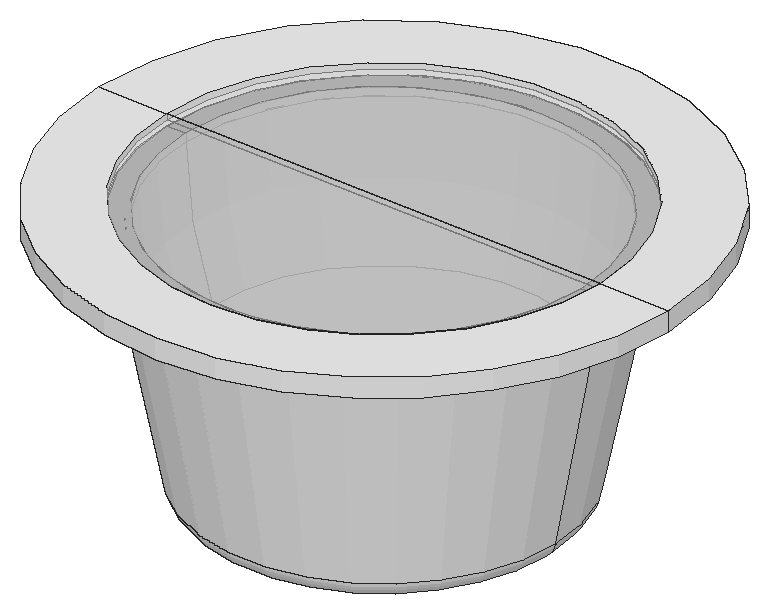
Revit family "2060551+2039013 Sylvania Lighting Fixture ASCENT 100 II ARCH 1900 3K STD EMG 160 with IP54 PC Cover", category Lighting Fixtures, host Face, Revit 2016
Family settings
  Host = Face
  Part Type = Normal
  Round Connector Dimension = Use Diameter
  OmniClass Number = 23.80.70.11.17
  OmniClass Title = Specialized Lighting by Location or Use
  Cut with Voids When Loaded = No
  Light Source = Yes
  Shared = No
  Room Calculation Point = No
Parameters (values of type "2060551+2039013 ASCT100 II ARCH 1900 3K STD EMG 160 with IP54 PC Cover")
  WidthBezelAcc_SYL = 25.0 mm
  Weight = "1.92 kg"
  Wattage = 19 W
  WarrantyStartDate [instance] = "n/a"
  WarrantyGuarantorParts = "n/a"
  WarrantyDurationUnit = "n/a"
  WarrantyDurationParts = "n/a"
  WarrantyDescription = "n/a"
  built-in parameter 1150110 = 1 (stored number, unit not read)
  Voltage = 0 V
  VisibilityAccessory_SYL = yes
  TypeName = "ASCENT 100 II ARCH 1900 3K STD EMG 160 with IP54 PC Cover"
  built-in parameter 1114217 = 1 (stored number, unit not read)
  Tilt Angle = -90°
  built-in parameter 1150109 = 1 (stored number, unit not read)
  built-in parameter 1150134 = (empty or 0)
  built-in parameter 1150113 = 1 (stored number, unit not read)
  SerialNumber [instance] = "n/a"
  ReflectorRadius_SYL = Radius_SYL - 14.5 mm  # 80.0 mm
  RadiusAcc_SYL = 105.0 mm
  Radius_SYL = 94.5 mm
  URL = "http://www.sylvania-lighting.com"
  PowerFactor = 0
  PowerConsumption = "19 W"
  Photometric Web File = "2060551.ies"
  NominalWidth = 0.0 mm
  NominalLength = 0.0 mm
  NominalHeight = 94.0 mm
  Name = "ASCENT 100 II ARCH 1900 3K STD EMG 160 with IP54 PC Cover"
  ModelReference = "ASCENT 100 II ARCH 1900 3K STD EMG 160 with IP54 PC Cover"
  ModelNumber = "2060551+2039013"
  Material_4_SYL = none
  Material_3_SYL = Polycarbonate_Sylvania_Ascent_Clear
  Material_2_SYL = Aluminium_Sylvania_Ascent_Silver
  Material_1_SYL = Aluminum_Sylvania_Ascent_White
  Material = "aluminium housing, arcylic diffuser"
  ManufacturerName = "Feilo Sylvania"
  LuminousEfficacy = "97 lm/W"
  built-in parameter 1150105 = 146.66 (stored number, unit not read)
  Lumens = 1843 lm
  LuminaireType = ""
  built-in parameter 1150115 = 1 (stored number, unit not read)
  LightOutputRatio = "100"
  built-in parameter 1150137 = (empty or 0)
  built-in parameter 1150139 = (empty or 0)
  LampsType = Lamp  # "LED"
  LampNominalLuminous = "1847 lm"
  LampMacAdamStep = "3"
  LampColourTemperature = "3000 K"
  LampColourRenderingIndex = "80"
  built-in parameter 1150112 = 1 (stored number, unit not read)
  built-in parameter 1150114 = 1 (stored number, unit not read)
  Keynote = "16500"
  InstallationDate [instance] = "n/a"
  InputVoltage = "n/a"
  InputNominalFrequency = "n/a"
  built-in parameter 1150132 = (empty or 0)
  built-in parameter 1150102 = (empty or 0)
  built-in parameter 1150107 = 3000 (stored number, unit not read)
  built-in parameter 1150138 = (empty or 0)
  IngressProtection = "IP54"
  ImpactProtectionIndex = "IK02"
  built-in parameter 1150106 = 1.4666 (stored number, unit not read)
  IfcExportType = "IfcLightFixtureType"
  IfcExportAs = "IfcLightFixtureType"
  Height_SYL = 94.0 mm
  HeightAcc_SYL = 7.0 mm
  ExpectedLife = 50000
  EmittionSurface_SYL = if(VisibilityAccessory_SYL, 7.0 mm, 3.0 mm)  # 7.0 mm
  Emit from Circle Diameter = DiffuserRadius_SYL * 2  # 146.0 mm
  Emit Shape Visible in Rendering = no
  ElectricShockClassification = "Class II"
  built-in parameter 1150104 = 9.0116 (stored number, unit not read)
  DurationUnit = "hours"
  DocumentationLiterature = "http://www.sylvania-lighting.com/product/en-int/products/2060551"
  DimmingControlOptions = "n/a"
  Dimming Lamp Color Temperature Shift = <None>
  DiffuserRadius_SYL = ReflectorRadius_SYL - 7.0 mm  # 73.0 mm
  Diameter_SYL = 2 * Radius_SYL  # 189.0 mm
  CutoutDiameter_SYL = Diameter_SYL - 13.0 mm  # 176.0 mm
  CreatedOn = "9/17/2018"
  CreatedBy = "@sylvania-lighting.com"
  Color Filter = 16777215
  built-in parameter 1114216 [instance] = 1 (stored number, unit not read)
  Model = "ASCENT 100 II ARCH 1900 3K STD EMG 160 with IP54 PC Cover"
  Manufacturer = "Feilo Sylvania"
  Lamp = "LED"
  Description = "Direct LED retro fit for original LED 100 Arch (160) single CFL lamp offering Matching lumen levels and improved light distribution of original LED 100 CFL lamp equivalents Typically half the power consumption compared to CFL Up to 112lm/W 160mm aperture Architectural reflector accepts range of glass accessories from existing LED 100 Arch 160 offering HE, HO and VHO versions equivalent of single 1 x 18W, 1 x 32W, 1 x 42W\r\n Additional VVHO versions which offer the performance circa 2 x 32W equivalent"  # constant formula
  Default Elevation = 0.0 mm
  built-in parameter 1140040 [instance] = 1
  BarCode [instance] = "n/a"
  built-in parameter 1114218 = 1 (stored number, unit not read)
  built-in parameter 1150133 = 10 (stored number, unit not read)
  AssetType = "Fixed"
  AssetIdentifier [instance] = "n/a"
  Assembly Code = "D5020200"
  Apparent Load = 19 VA
  Aperture_SYL = 2 * ReflectorRadius_SYL  # 160.0 mm
Types (2, lengths in mm): name | Wattage | TypeName | Photometric Web File | Name | ModelReference | built-in parameter 1150105 | Lumens | built-in parameter 1150106 | Model | Apparent Load
  2060551+2039013 ASCT100 II ARCH 1900 3K STD EMG 160 with IP54 PC Cover | 19 W | "ASCENT 100 II ARCH 1900 3K STD EMG 160 with IP54 PC Cover" | "2060551.ies" | "ASCENT 100 II ARCH 1900 3K STD EMG 160 with IP54 PC Cover" | "ASCENT 100 II ARCH 1900 3K STD EMG 160 with IP54 PC Cover" | 146.66 (stored number, unit not read) | 1843 lm | 1.4666 (stored number, unit not read) | "ASCENT 100 II ARCH 1900 3K STD EMG 160 with IP54 PC Cover" | 19 VA
  2060551+2039013 ASCT100 II ARCH 1900 3K STD EMG 160 with IP54 PC Cover Emergency mode | 1.84536 W | "ASCT100 II ARCH 1900 3K STD EMG 160 with IP54 PC Cover Emergency mode" | "2060551EM.ies" | "ASCT100 II ARCH 1900 3K STD EMG 160 with IP54 PC Cover Emergency mode" | "ASCT100 II ARCH 1900 3K STD EMG 160 with IP54 PC Cover Emergency mode" | 14.244 (stored number, unit not read) | 179 lm | 0.14244 (stored number, unit not read) | "ASCT100 II ARCH 1900 3K STD EMG 160 with IP54 PC Cover Emergency mode" | 1.84536 VA
Reference planes
  plane 1 "Center (Front/Back)": y = 0
  plane 2: z = 0
  plane 3 "Center (Left/Right)": x = 0
  plane 4 "Fixture Bottom": z = 3
  plane 5: z = -52.5
  plane 6 "Fixture Top": z = -91
  plane 7: x = -105
  plane 8: z = 7
  plane 9: x = -80
  plane 10: z = 5
  plane 11: x = -103
Forms (mm)
  Extrusion 1, solid, material "Aluminum_Sylvania_Ascent_White", detail levels fine
    sketch origin (0, 0, 0) x (1, 0, 0) y (0, 1, 0)
      loop
        circle (0, 0) r 94.5
      loop
        circle (0, 0) r 80
    from 0 to 3
  Extrusion 2, void
    sketch origin (0, 0, 0) x (1, 0, 0) y (0, 1, 0)
      loop
        circle (0, 0) r 88
    from -91 to 3
  Revolve 3, solid, material "Aluminum_Sylvania_Ascent_White" <- "Material_1_SYL", detail levels fine
    sketch origin (0, 0, 0) x (1, 0, 0) y (0, 0, 1)
      loop
        line (0, -91.073) -> (0, -89.023) -> (-55.468, -89.014)
        arc (-55.468, -89.014) -> (-59.352, -87.613) -> (-61.54, -84.139) r 6.307
        line (-61.54, -84.139) -> (-77.991, -2.844) -> (-77.991, 0) -> (-80, 0) -> (-80, -3) -> (-63.5, -84.536)
        arc (-63.5, -84.536) -> (-60.643, -89.203) -> (-55.5, -91.073) r 8.291
        line (-55.5, -91.073) -> (0, -91.073)
      axis (0, 0) -> (0, -91.073)
    angle from 0 to 360
  Revolve 4, solid, material "Aluminium_Sylvania_Ascent_Silver" <- "Material_2_SYL", detail levels fine
    sketch origin (0, 0, 0) x (1, 0, 0) y (0, 0, 1)
      loop
        line (-80, 3) -> (-80, 0) -> (-75, 0)
        arc (-75, 0) -> (-72.349, -26.77) -> (-64.5, -52.5) r 136.5
        line (-64.5, -52.5) -> (-58, -52.5)
        arc (-58, -52.5) -> (-56.857, -61.521) -> (-53.5, -69.971) r 36.166
        line (-53.5, -69.971) -> (0, -69.971) -> (0, -50.5) -> (-63.16, -50.5)
        arc (-63.16, -50.5) -> (-70.517, -25.725) -> (-73, 0) r 134.5
        line (-73, 0) -> (-73, 3) -> (-80, 3)
      axis (0, 3) -> (0, -69.971)
    angle from 0 to 360
  Extrusion 5, solid, material "Polycarbonate_Sylvania_Ascent_Clear" <- "Material_3_SYL", detail levels fine
    sketch origin (0, 0, 0) x (1, 0, 0) y (0, 1, 0)
      loop
        circle (0, 0) r 73
    from 0 to 3
  Revolve 6, solid, material "Aluminum_Sylvania_Ascent_White" <- "Material_1_SYL", detail levels coarse+medium
    sketch origin (0, 0, 0) x (1, 0, 0) y (0, 0, 1)
      loop
        line (0, -91.073) -> (0, 3) -> (-94.5, 3) -> (-94.5, 0) -> (-79.5, 0) -> (-79.5, -3) -> (-63, -84.536)
        arc (-63, -84.536) -> (-60.143, -89.203) -> (-55, -91.073) r 8.291
        line (-55, -91.073) -> (0, -91.073)
      axis (0, 3) -> (0, -91.073)
    angle from 0 to 360
  Revolve 7, solid, material "Aluminum_Sylvania_Ascent_White" <- "Material_1_SYL", visible <- "VisibilityAccessory_SYL"
    sketch origin (0, 0, 0) x (1, 0, 0) y (0, 0, 1)
      loop
        line (-105, 0) -> (-103, 0) -> (-103, 5) -> (-80, 5) -> (-80, 7) -> (-105, 7) -> (-105, 0)
      axis (0, 7) -> (0, 0)
    angle from 0 to 360
  Revolve 8, solid, material "Polycarbonate_Sylvania_Ascent_Clear" <- "Material_3_SYL", visible <- "VisibilityAccessory_SYL"
    sketch origin (0, 0, 0) x (1, 0, 0) y (0, 0, 1)
      loop
        line (-80, 7) -> (-80, 5) -> (0, 5) -> (0, 7) -> (-80, 7)
      axis (0, 7) -> (0, 5)
    angle from 0 to 360
Lines and regions (mm)
  reference lines
    curve 1: line (-150, 0, 7) -> (125, 0, 7)
Dimensions and locks
  locked: plane 4 "Fixture Bottom" to plane 2 at 3
  "Height_SYL": plane 4 "Fixture Bottom" to plane 6 "Fixture Top"
  "ReflectorRadius_SYL": plane 3 "Center (Left/Right)" to Revolve 4 sketch curve
  locked: Revolve 4 sketch curve to Revolve 4 sketch curve at 15.5
  locked: Revolve 4 sketch curve to Revolve 4 sketch curve at 5
  locked: Revolve 4 sketch curve to Revolve 4 sketch curve at 7
  locked: Revolve 4 sketch curve to Revolve 4 sketch curve at 22
  locked: Revolve 4 sketch curve to Revolve 4 sketch curve at 26.5
  locked: Revolve 3 sketch curve to Revolve 3 sketch curve at 16.5
  locked: Revolve 3 sketch curve to Revolve 3 sketch curve at 24.5
  "ReflectorRadius_SYL": Revolve 3 sketch curve to plane 3 "Center (Left/Right)"
  locked: Revolve 3 sketch curve to plane 6 "Fixture Top" at 6.464
  locked: plane 2 to Revolve 3 sketch curve at 3
  locked: Revolve 3 sketch curve to Revolve 3 sketch curve at 2
  locked: Revolve 3 sketch curve to Revolve 3 sketch curve at 2.009
  locked: plane 2 to plane 5 at 52.5
  locked: Revolve 6 sketch curve to Revolve 6 sketch curve at 31.5
  locked: Revolve 6 sketch curve to Revolve 6 sketch curve at 39.5
  locked: Revolve 6 sketch curve to Revolve 6 sketch curve at 15
  "Radius_SYL": plane 3 "Center (Left/Right)" to Revolve 6 sketch curve
  "RadiusAcc_SYL": plane 3 "Center (Left/Right)" to plane 7
  "HeightAcc_SYL": plane 8 to level
  "WidthBezelAcc_SYL": plane 7 to plane 9
  locked: plane 7 to plane 11 at 2
  locked: plane 8 to plane 10 at 2
  "EmittionSurface_SYL": curve 1 to level
  "CutoutDiameter_SYL": diameter of Extrusion 2 sketch curve
  "ReflectorRadius_SYL": radius of Extrusion 1 sketch curve
  "DiffuserRadius_SYL": radius of Extrusion 5 sketch curve
  "Radius_SYL": radius of Extrusion 1 sketch curve
  aligned and locked: host face to plane 2
  aligned and locked: host face to level
  aligned and locked: plane 4 "Fixture Bottom" to Extrusion 1
  aligned and locked: Extrusion 1 to plane 2
  aligned and locked: Revolve 3 sketch curve to plane 3 "Center (Left/Right)"
  aligned and locked: Revolve 4 sketch curve to plane 3 "Center (Left/Right)"  (x2)
  aligned and locked: plane 4 "Fixture Bottom" to Revolve 4 sketch curve
  aligned and locked: Extrusion 5 to plane 2
  aligned and locked: plane 2 to Revolve 3 sketch curve  (x2)
  aligned and locked: Revolve 6 sketch curve to plane 3 "Center (Left/Right)"
  aligned and locked: plane 6 "Fixture Top" to Extrusion 2
  aligned and locked: Revolve 7 sketch curve to plane 3 "Center (Left/Right)"
  aligned and locked: host face to Revolve 7 sketch curve  (x2)
  aligned and locked: Revolve 7 sketch curve to plane 7
  aligned and locked: plane 8 to Revolve 7 sketch curve
  aligned and locked: plane 9 to Revolve 7 sketch curve
  aligned and locked: Revolve 7 sketch curve to plane 10
  aligned and locked: plane 11 to Revolve 7 sketch curve
  aligned and locked: Revolve 7 to Revolve 8 sketch curve
  aligned and locked: Revolve 8 sketch curve to Revolve 7  (x2)
  aligned and locked: Revolve 8 sketch curve to plane 3 "Center (Left/Right)"  (x2)
  aligned and locked: plane 3 "Center (Left/Right)" to imposter light
  aligned and locked: imposter light to plane 1 "Center (Front/Back)"
  aligned and locked: imposter light to curve 1
Automatic sketch dimensions
  plane 1 "Center (Front/Back)" to Extrusion 2 sketch curve = 0.0 mm
  Extrusion 2 sketch curve to plane 3 "Center (Left/Right)" = 0.0 mm
  Extrusion 1 sketch curve to Extrusion 1 sketch curve = 0.0 mm  (x2)
  plane 1 "Center (Front/Back)" to Extrusion 1 sketch curve = 0.0 mm
  Extrusion 1 sketch curve to plane 3 "Center (Left/Right)" = 0.0 mm
  plane 6 "Fixture Top" to Revolve 3 sketch curve = 0.073 mm
  Revolve 3 sketch curve to plane 6 "Fixture Top" = 6.861 mm
  Revolve 3 sketch curve to Revolve 3 sketch curve = 0.003 mm
  Revolve 3 sketch curve to Revolve 3 sketch curve = 0.009 mm  (x2)
  Revolve 3 sketch curve to Revolve 3 sketch curve = 0.023 mm
  Revolve 3 sketch curve to Revolve 3 sketch curve = 0.072 mm
  Revolve 3 sketch curve to Revolve 3 sketch curve = 0.008 mm
  Revolve 3 sketch curve to plane 6 "Fixture Top" = 1.977 mm
  Revolve 3 sketch curve to Revolve 3 sketch curve = 33.496 mm
  Revolve 3 sketch curve to Revolve 3 sketch curve = 0.028 mm
  plane 4 "Fixture Bottom" to Revolve 3 sketch curve = 82.431 mm
  Revolve 4 sketch curve to Revolve 4 sketch curve = 0.0 mm  (x2)
  Revolve 4 sketch curve to plane 5 = 0.0 mm
  Revolve 4 sketch curve to level = 0.0 mm
  plane 5 to Revolve 4 sketch curve = 2.0 mm
  plane 4 "Fixture Bottom" to Revolve 4 sketch curve = 9.642 mm
  plane 1 "Center (Front/Back)" to Extrusion 5 sketch curve = 0.0 mm
  Extrusion 5 sketch curve to plane 3 "Center (Left/Right)" = 0.0 mm
  Revolve 4 sketch curve to level = 69.971 mm
  Revolve 4 sketch curve to Revolve 4 sketch curve = 2.387 mm
  Revolve 6 sketch curve to level = 0.0 mm
  Revolve 6 sketch curve to plane 3 "Center (Left/Right)" = 0.0 mm
  Revolve 6 sketch curve to Revolve 6 sketch curve = 8.104 mm
  Revolve 6 sketch curve to level = 3.0 mm
  Revolve 6 sketch curve to plane 6 "Fixture Top" = 6.464 mm
  plane 6 "Fixture Top" to Revolve 6 sketch curve = 0.073 mm
  Revolve 6 sketch curve to Revolve 6 sketch curve = 33.496 mm
  plane 4 "Fixture Bottom" to Revolve 6 sketch curve = 82.431 mm
  host sketch curve to host sketch curve = 1704.996 mm
  host sketch curve to host sketch curve = 1500.0 mm
  plane 6 "Fixture Top" to Revolve 7 sketch curve = 281.274 mm
  Revolve 7 sketch curve to plane 8 = 1140.706 mm
  plane 6 "Fixture Top" to Revolve 8 sketch curve = 281.274 mm
  Revolve 8 sketch curve to Revolve 8 sketch curve = 1140.706 mm
  Revolve 3 sketch curve to plane 3 "Center (Left/Right)" = 0.0 mm
  Revolve 6 sketch curve to plane 4 "Fixture Bottom" = 0.0 mm
  plane 7 to curve 1 = 45.0 mm
  plane 3 "Center (Left/Right)" to curve 1 = 125.0 mm
Connectors
  electrical at (0, 0, -91.073), driven by "Apparent Load"
    settings: on Revolve 3, index 1, voltage 240 V, apparent load 0 VA, apparent load phase1 19 VA, apparent load phase2 0 VA, apparent load phase3 0 VA, power factor 1, load classification "Lighting", number of poles 1, system type 31, power factor state 1, is connector primary yes, connector utility no, sub classification motor no, connector description ""
